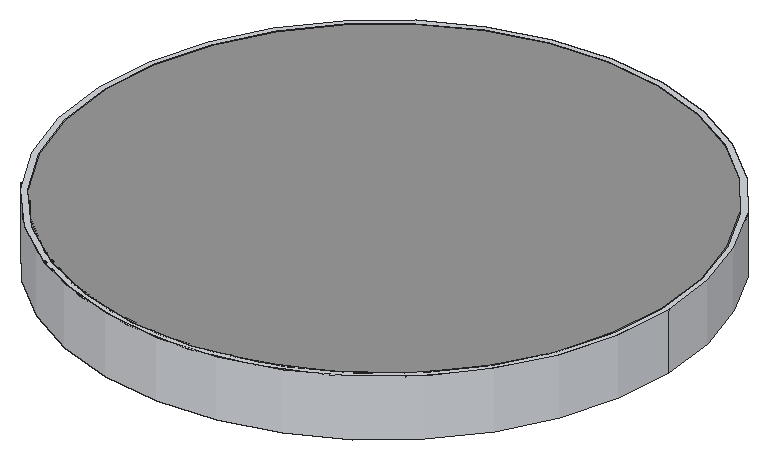
Revit family "2071186", category Lighting Fixtures, host Face, Revit 2018
Family settings
  Host = Face
  Round Connector Dimension = Use Diameter
  Part Type = Normal
  OmniClass Number = 23.80.70.00
  OmniClass Title = Lighting
  Cut with Voids When Loaded = No
  Light Source = Yes
  Shared = No
  Room Calculation Point = No
Parameters (values of type "2071186 COLOSSAL 600 940 OP DIR WHT EM")
  iner diameter = 588 mm
  Weight = "n/a"
  Wattage Comments = ""
  Wattage = 30 W
  WarrantyStartDate [instance] = "n/a"
  WarrantyGuarantorParts = "n/a"
  WarrantyDurationUnit = "n/a"
  WarrantyDurationParts = ""
  WarrantyDescription = "http://www.sylvania-lighting.com"
  built-in parameter 1150110 = 1 (stored number, unit not read)
  Voltage = 230 V
  URL = "0.95"
  TypeName = "COLOSSAL 600mm 940 OPAL DIR WHITE EM"
  Type Image = <None>
  Type Comments = "n/a"
  built-in parameter 1114217 = 1 (stored number, unit not read)
  Tilt Angle = -90.00°
  built-in parameter 1150109 = 1 (stored number, unit not read)
  built-in parameter 1150134 = (empty or 0)
  built-in parameter 1150113 = 1 (stored number, unit not read)
  SerialNumber [instance] = "n/a"
  Photometric Web File = "2071186.ies"
  Material_3_SYL = LED-Sylvania
  PowerFactor = 0
  PowerConsumption = "Lighting"
  NominalLength = 600 mm
  NominalHeight = 93 mm
  NominalDepth = 600 mm
  Name = "COLOSSAL 600mm 940 OPAL DIR WHITE EM"
  ModelReference = Name  # "COLOSSAL 600mm 940 OPAL DIR WHITE EM"
  ModelNumber = "2071186"
  Model = Name  # "COLOSSAL 600mm 940 OPAL DIR WHITE EM"
  Material = "Feilo Sylvania"
  ManufacturerName = "109 lm/W"
  Manufacturer = ""
  LuminousEfficacy = ""
  built-in parameter 1150105 = 270.44 (stored number, unit not read)
  Lumens = 3398.4 lm
  LuminaireType = "0"
  built-in parameter 1150115 = 1 (stored number, unit not read)
  LightOutputRatio = "LED"
  built-in parameter 1150137 = (empty or 0)
  built-in parameter 1150139 = (empty or 0)
  LampsType = Lamp  # "n/a"
  LampNominalLuminous = "4000 K"
  LampMacAdamStep = "90"
  LampColourTemperature = "LED"
  LampColourRenderingIndex = "16500"
  built-in parameter 1150112 = 1 (stored number, unit not read)
  built-in parameter 1150114 = 1 (stored number, unit not read)
  Lamp = "n/a"
  Keynote = "n/a"
  InstallationDate [instance] = "n/a"
  InputVoltage = "0"
  InputNominalFrequency = "4000"
  built-in parameter 1150132 = (empty or 0)
  built-in parameter 1150102 = (empty or 0)
  built-in parameter 1150107 = 3000 (stored number, unit not read)
  built-in parameter 1150138 = (empty or 0)
  IngressProtection = "IfcLightFixtureType"
  ImpactProtectionIndex = "IfcLightFixtureType"
  built-in parameter 1150106 = 2.7044 (stored number, unit not read)
  IfcExportType = "IfcLightFixtureType"
  IfcExportAs = "Class I"
  Emit from Circle Diameter = 385 mm
  Emit Shape Visible in Rendering = no
  ElectricShockClassification = "109"
  built-in parameter 1150104 = 10.524 (stored number, unit not read)
  DocumentationLiterature = "http://www.sylvania-lighting.com/product/en-int/products/2071186"
  DimmingControlOptions = "n/a"
  Material_2_SYL = Polycarbonate_Sylvania_White
  Dimming Lamp Color Temperature Shift = <None>
  Description = "600mm diameter circular architectural luminaire, can be surface mounted or suspended. Powder coated aluminium housing (RAL9016) with polycarbonate opal diffuser. Direct light distribution, 4535lm luminuous flux, 41.5W system power, 109lm/W luminiaire efficacy. Constant current driver. 3 hours integrated emergency. Colour rendering index Ra >90, 4000K Neutral White LED, chromaticity tolerance of 3-step MacAdam ellipse. IP40, IK03. 450mA drive current. Electrical protection Class1, 220-240V. Reported lifetime 66k hours L90B10."
  Default Elevation = 1219.2 mm
  CreatedOn = "23/03/2022"
  CreatedBy = "@sylvania-lighting.com"
  Cost = 0
  Color Filter = 16777215
  built-in parameter 1114216 [instance] = (empty or 0)
  ClassificationValue = "EF_70_80"
  ClassificationName = "Uniclass2015"
  Material_1_SYL = Polycarbonate_Sylvania_Opal
  BarCode [instance] = "n/a"
  built-in parameter 1114218 = 1 (stored number, unit not read)
  built-in parameter 1150133 = 10 (stored number, unit not read)
  AssetType = "Fixed"
  AssetIdentifier [instance] = "n/a"
  Assembly Code = "D5020200"
  Apparent Load = 41.5 VA
  Material_4_SYL = none
Reference planes
  plane 1 "Center (Front/Back)": y = 0
  plane 2: z = 0
  plane 3 "Center (Left/Right)": x = 0
  plane 4: x = -300
  plane 5: x = 300
  plane 6: y = 300
  plane 7: y = -300
  plane 8: y = 212
  plane 9: y = -212
  plane 10: z = 93
  plane 11: y = 294
  plane 12: y = -294
  plane 13: through (0, 0, 1219.2) normal (0.5, -0.866, 0)
  plane 14: through (-134.29, 20.617, 1219.2) normal (0.5, -0.866, 0)
  plane 15: through (-144.685, -181.683, 1219.2) normal (-0.5, 0.866, 0)
  plane 16: through (0, 0, 1219.2) normal (0.5, 0.866, 0)
  plane 17: through (178.555, -4.939, 1219.2) normal (0.5, 0.866, 0)
  plane 18: through (87.581, -148.715, 1219.2) normal (0.5, 0.866, 0)
  plane 19: y = 272
  plane 20: through (105.168, 227.067, 1219.2) normal (0.866, 0.5, 0)
  plane 21: through (-104.171, 225.672, 1219.2) normal (0.8572, -0.515, 0)
  plane 22: y = -204.612
  plane 23: through (-296.643, -30.2, 1219.2) normal (0.866, 0.5, 0)
  plane 24: through (153.092, -278.837, 1219.2) normal (-0.866, 0.5, 0)
Forms (mm)
  Extrusion 1, solid, detail levels medium+fine
    sketch origin (0, 0, 0) x (1, 0, 0) y (0, 1, 0)
      loop
        circle (0, 0) r 300
    from 33.023 to 93
  Extrusion 2, void
    sketch origin (0, 0, 0) x (1, 0, 0) y (0, 1, 0)
      loop
        circle (0, 0) r 294
    from 93 to 37.292
  Extrusion 3, solid, material "Glass, White, High Luminance", detail levels fine
    sketch origin (0, 0, 0) x (1, 0, 0) y (0, 1, 0)
      loop
        circle (0, 0) r 294
    from 88.026 to 93
  Extrusion 4, solid, detail levels coarse
    sketch origin (0, 0, 0) x (1, 0, 0) y (0, 1, 0)
      loop
        line (-300, 300) -> (-300, -300) -> (300, -300) -> (300, 300) -> (-300, 300)
    from 0 to 93
  Blend 5, solid, detail levels medium+fine
    base sketch origin (0, 0, 0) x (1, 0, 0) y (0, 1, 0)
      loop
        line (-76.334, 272) -> (-277.665, -63.07) -> (-195.946, -204.612) -> (195.946, -204.612) -> (275.172, -67.388) -> (79.226, 272) -> (-76.334, 272)
    top sketch origin (0, 0, 0) x (1, 0, 0) y (0, 1, 0)
      loop
        line (-226.097, -32.388) -> (-141.097, -179.612) -> (141.097, -179.612) -> (226.097, -32.388) -> (85, 212) -> (-85, 212) -> (-226.097, -32.388)
    from 33.023 to 0
Cuts and joins
  Extrusion 2 cuts Extrusion 1
Lines and regions (mm)
  model lines
    curve 1: line (-85, 212, 0) -> (0, 212, 0)
    curve 2: line (0, 212, 0) -> (85, 212, 0)
Dimensions and locks
  "NominalDepth": plane 6 to plane 7
  "NominalLength": plane 4 to plane 5
  equal spacing: plane 4, plane 3 "Center (Left/Right)", plane 5
  "iner diameter": plane 11 to plane 12
  equal spacing: plane 11, plane 1 "Center (Front/Back)", plane 12
  equal spacing: plane 6, plane 1 "Center (Front/Back)", plane 7
  "NominalHeight": plane 10 to level
  radius of Extrusion 2 sketch curve = 294 mm
  aligned and locked: plane 2 to host face
  aligned and locked: level to host face
Automatic sketch dimensions
  host sketch curve to host sketch curve = 2438.4 mm  (x2)
  plane 1 "Center (Front/Back)" to Extrusion 1 sketch curve = 0 mm
  Extrusion 1 sketch curve to plane 3 "Center (Left/Right)" = 0 mm
  plane 1 "Center (Front/Back)" to Extrusion 2 sketch curve = 0 mm
  Extrusion 2 sketch curve to plane 3 "Center (Left/Right)" = 0 mm
  plane 1 "Center (Front/Back)" to Extrusion 3 sketch curve = 0 mm
  Extrusion 3 sketch curve to plane 3 "Center (Left/Right)" = 0 mm
  Extrusion 4 sketch curve to plane 4 = 0 mm
  Extrusion 4 sketch curve to plane 5 = 0 mm
  Extrusion 4 sketch curve to plane 7 = 0 mm
  Extrusion 4 sketch curve to plane 6 = 0 mm
  Blend 5 sketch curve to plane 8 = 0 mm
  Blend 5 sketch curve to plane 3 "Center (Left/Right)" = 85 mm
  plane 3 "Center (Left/Right)" to Blend 5 sketch curve = 85 mm
  plane 9 to Blend 5 sketch curve = 32.388 mm
  plane 3 "Center (Left/Right)" to Blend 5 sketch curve = 141.097 mm
  plane 1 "Center (Front/Back)" to Blend 5 sketch curve = 32.388 mm  (x2)
  Blend 5 sketch curve to plane 5 = 73.903 mm
  Blend 5 sketch curve to plane 3 "Center (Left/Right)" = 141.097 mm
  plane 4 to Blend 5 sketch curve = 73.903 mm
  curve 1 to plane 8 = 0 mm
  curve 2 to plane 3 "Center (Left/Right)" = 0 mm
  curve 1 to plane 3 "Center (Left/Right)" = 85 mm
  curve 1 to curve 2 = 85 mm
  Blend 5 sketch curve to plane 21 = 0 mm
  Blend 5 sketch curve to plane 23 = 0 mm  (x2)
  Blend 5 sketch curve to plane 22 = 0 mm
  Blend 5 sketch curve to plane 19 = 0 mm
  plane 21 to Blend 5 sketch curve = 0 mm
  Blend 5 sketch curve to plane 20 = 0 mm  (x2)
  Blend 5 sketch curve to plane 24 = 0 mm  (x2)
  radius of Extrusion 1 sketch curve = 300 mm
  radius of Extrusion 3 sketch curve = 294 mm
Connectors
  electrical at (0, 0, 0), driven by "Apparent Load", driven by "PowerFactor", driven by "Voltage"
    settings: index 1, voltage 230 V, apparent load 41.5 VA, apparent load phase1 0 VA, apparent load phase2 0 VA, apparent load phase3 0 VA, power factor 0, load classification "Lighting", number of poles 1, system type 30, power factor state 1, is connector primary yes, connector utility no, sub classification motor no, connector description ""
